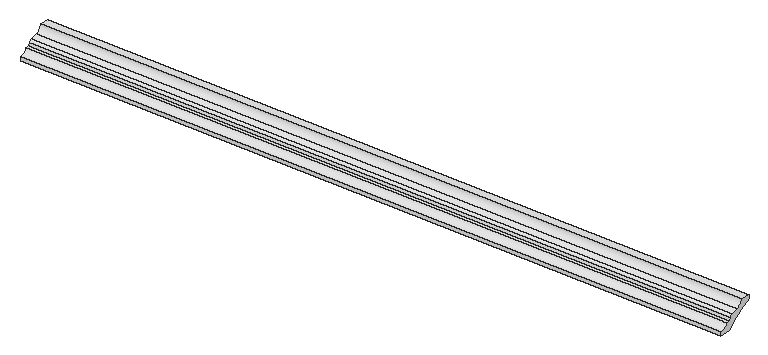
Revit family "13-MOULDING-CADS-136-PCB3CROWN-4-REVIT_Versatex-Generic-Model-3in-CROWN-MOULDING", category Generic Models, host Face, Revit 2026
Family settings
  Host = Face
  Can host rebar = No
  Round Connector Dimension = Use Diameter
  Part Type = Normal
  Cut with Voids When Loaded = No
  Maintain Annotation Orientation = No
  Shared = No
  Room Calculation Point = No
Parameters
  Model = "PCB3\"CROWN"
  Length = 4' - 0"
  Warranty = "https://versatex.com/warranty/"
  URL = "https://versatex.com/"
  Specification = "https://www.arcat.com/company/versatex-45716/spec?coid=45716"
  Sales Information = "https://versatex.com/dealer-locator/"
  Message Manufacturer = "https://versatex.com/contact/"
  Material = Versatex PVC - Smooth
  Manufacturer Website = "https://versatex.com/"
  Manufacturer Phone = "724-857-1111"
  Manufacturer Fax = "724-857-1171"
  Manufacturer Address = "400 Steel Street, Aliquippa, PA 15001"
  Manufacturer = "Versatex"
  Literature = "https://versatex.com/literature/?_sft_literature_category=cads"
  Description = "3\" CROWN MOULDING"
  Default Elevation = 4' - 0"
  Copyright = "© 2024 VERSATEX Building Products, LLC"
Reference planes (in)
  plane 1 "Center (Front/Back)": y = 0
  plane 2: z = 0
  plane 3 "Center (Left/Right)": x = 0
  plane 4: x = 24
  plane 5: x = -24
Forms (in)
  Sweep 1, solid, material "Versatex PVC - Smooth" <- "Material"
    path origin (0, 0, 0) x (1, 0, 0) y (0, 1, 0)
      loop
        line (-24, 0) -> (24, 0)
    profile "Versatex_Profile_3” CROWN MOULDING : Versatex_Profile_3” CROWN MOULDING" origin (0, 0, 0) x (0, 1, 0) y (0, 0, 1)
      loop
        arc (1.74629, 1.48354) -> (1.64468, 1.20801) -> (1.39973, 1.04602) r 0.47158
        line (1.39973, 1.04602) -> (0.96891, 0.89515)
        arc (0.96891, 0.89515) -> (0.86193, 0.83461) -> (0.80463, 0.72585) r 0.21826
        line (0.80463, 0.72585) -> (0.76427, 0.55936) -> (0.50122, 0.56827)
        arc (0.50122, 0.56827) -> (0.30203, 0.32145) -> (0, 0.22463) r 0.55315
        line (0, 0.22463) -> (0, 0) -> (0.64874, 0) -> (0.91192, 0.19278) -> (0.96388, 0.34365) -> (1.83389, 0.97897) -> (1.968, 0.96556) -> (2.32505, 1.22507) -> (2.32505, 1.48354) -> (1.74629, 1.48354)
Dimensions and locks (in)
  "Length": plane 5 to plane 4
  equal spacing: plane 5, plane 3 "Center (Left/Right)", plane 4, locked at 24 each
  aligned and locked: plane 2 to host face
  aligned and locked: level to host face
Automatic sketch dimensions
  host sketch curve to host sketch curve = 8' - 0"  (x2)
  plane 1 "Center (Front/Back)" to Sweep 1 sketch curve = 0' - 0"
  Sweep 1 sketch curve to plane 5 = 0' - 0"
  Sweep 1 sketch curve to plane 4 = 0' - 0"
